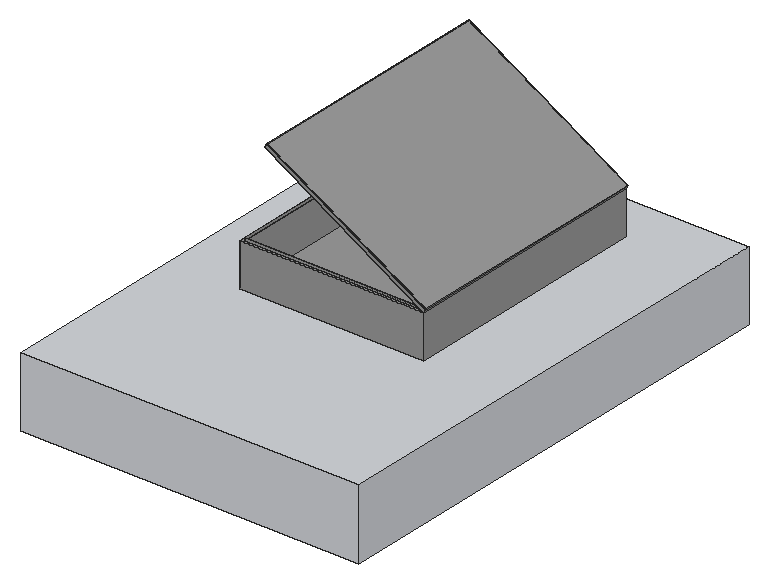
Revit family "Hager-Univers-IP54-D205-H1100-Cl.I-Encl-CH-de", category Equipement électrique, Revit 2020
Family settings
  Hôte = Face
  Configuration du panneau = Deux colonnes, circuits au sein
  Cote de connecteur circulaire = Utiliser le diamètre
  Type d'élément = Tableau de raccordement
  Couper avec des vides une fois chargée = Non
  Partagée = Non
  Point de calcul de pièce = Non
Parameters (values of type "Aufputz IP54 B800 H1100 T205  - FP73TW2")
  Width Control [instance] = if([EF000008 - Breite] > Min Width, [EF000008 - Breite], Min Width)  # 800 mm
  Commentaires du type = [HG000003 - Bereich]  # "Univers"
  Thickness Door [instance] = if([EF009171 - Materialstärke Tür/Deckel] > 3 mm, 3 mm, [EF009171 - Materialstärke Tür/Deckel])  # 1 mm
  Seal Frame Offset [instance] = 17 mm  # constant formula
  Plinth Visibility [instance] = [HG000027 - Sockelhöhe] > 0 mm  # no
  Model = ""
  Min Width [instance] = 100 mm  # constant formula
  Min Height [instance] = 100 mm  # constant formula
  Min Depth [instance] = (2 * [EF009170 - Materialstärke Gehäuse]) + 1 mm  # 3 mm
  Internal Frame Depth [instance] = (Door System Depth * 0.5)  # 9 mm
  Height Control [instance] = if([EF000040 - Höhe] > Min Height, [EF000040 - Höhe], Min Height)  # 1100 mm
  HG000027 - Sockelhöhe = 0 mm
  HG000026 - Stehend auf dem Boden = no
  HG000024 - Höhe des unteren Teils = 800 mm
  HG000023 - Gehäuse mit doppeltem Querschnitt = no
  HG000016 - 3D-Türsichtbarkeit [instance] = yes
  HG000015 - Sichtbarkeit der Türöffnung [instance] = no
  HG000014 - Tür rechts [instance] = yes
  HG000013 - Tür links [instance] = not([HG000014 - Tür rechts])  # no
  HG000012 - Türschwenkwinkel [instance] = 30.00°
  HG000010 - Asymmetrische Türen = no
  HG000009 - Doppelflügeligen Tür = no
  HG000006 - Unterputz = no
  HG000004 - Herstellerreferenz = "FP73TW2"
  HG000003 - Bereich = "Univers"
  HG000002 - Mit tür = yes
  Frame Offset Bottom [instance] = 10 mm  # constant formula
  Frame Offset [instance] = 15 mm  # constant formula
  EF015940 - Deckel mit Überdruckentlastung = no
  EF011959 - Schutzart (NEMA) = ""
  EF009554 - Anzahl der Öffnungen für Flanschplatten = 6
  Fabricant = "Hager"  # constant formula
  EF009212 - Ausführung Deckel = "EV000116 - geschlossen"
  EF009171 - Materialstärke Tür/Deckel = 1 mm
  EF009170 - Materialstärke Gehäuse = 1 mm
  EF008873 - Nennstrom (In) = 250 A
  EF007800 - Geeignet für Blitzschutz = no
  EF006306 - Mit Schloss = no
  EF006244 - Transparenter Deckel/Tür = no
  EF005474 - Schutzart (IP) = "EV006419 - IP54"
  EF004464 - Art der Tür = "EV002646 - Einzel"
  EF004427 - Anzahl der Module = 252
  EF004293 - Schlagfestigkeit = "EV006815 - IK09"
  EF003532 - Geeignet für Außengebrauch = no
  EF002950 - Breite in Teilungseinheiten = 36
  EF001613 - Funktionserhalt = "EV000494 - ohne"
  EF001596 - Werkstoff des Gehäuses = "EV000179 - Stahl"
  EF001131 - Innentiefe = 130 mm
  EF001088 - Anbaumöglichkeit = yes
  EF000437 - Anzahl der Leitungseinführungen = 6
  EF000339 - Art der Abdeckung = "EV001012 - Deckel"
  EF000266 - Anzahl der Reihen = 7
  EF000218 - Einbautiefe = 205 mm
  EF000118 - Mit Montageplatte = no
  EF000116 - RAL-Nummer = "9010"
  EF000049 - Tiefe = 205 mm
  EF000040 - Höhe = 1100 mm
  EF000008 - Breite = 800 mm
  EF000007 - Farbe = "EV000202 - weiß"
  EF000003 - Montageart = "EV000384 - Aufputz"
  Door System Leaf Tolerance [instance] = 1.5 mm  # constant formula
  Door System Depth [instance] = 18 mm  # constant formula
  Door Height [instance] = Height Control - [HG000027 - Sockelhöhe]  # 1100 mm
  Depth Control [instance] = if([EF000049 - Tiefe] > Min Depth, [EF000049 - Tiefe], Min Depth)  # 205 mm
  Default Elevation = 0 mm
  Connector Offset [instance] = Height Control / 2  # 550 mm
  Bottom Top Plate Trim [instance] = 1.5 mm  # constant formula
  Plinth height Ctrl [instance] = if([HG000027 - Sockelhöhe] > 0 mm, [HG000027 - Sockelhöhe], 12 mm)  # 12 mm
Types (4, lengths in mm): name | Width Control | HG000004 - Herstellerreferenz | EF009554 - Anzahl der Öffnungen für Flanschplatten | EF004464 - Art der Tür | EF004427 - Anzahl der Module | EF002950 - Breite in Teilungseinheiten | EF000437 - Anzahl der Leitungseinführungen | EF000008 - Breite
  Aufputz IP54 B1050 H1100 T205  - FP74TW2 | 1050 | "FP74TW2" | 8 | "EV003602 - Doppel" | 336 | 48 | 8 | 1050
  Aufputz IP54 B1300 H1100 T205  - FP75TW2 | 1300 | "FP75TW2" | 10 | "EV003602 - Doppel" | 420 | 60 | 10 | 1300
  Aufputz IP54 B550 H1100 T205  - FP72TW2 | 550 | "FP72TW2" | 4 | "EV002646 - Einzel" | 168 | 24 | 4 | 550
  Aufputz IP54 B800 H1100 T205  - FP73TW2 | 800 | "FP73TW2" | 6 | "EV002646 - Einzel" | 252 | 36 | 6 | 800
Reference planes
  plane 1 "Center (Front/Back)": y = 0
  plane 2: z = 0
  plane 3 "Center (Left/Right)": x = 0
  plane 4: z = 205
  plane 5: y = 1
  plane 6: y = 550
  plane 7: y = 0
  plane 8: y = 1100
  plane 9: z = 0
  plane 10: x = -385
  plane 11: x = 385
  plane 12: x = 384
  plane 13: x = -384
  plane 14: y = 1099
  plane 15: x = -383
  plane 16: x = -400
  plane 17: x = 383
  plane 18: x = 400
  plane 19: x = 399
  plane 20: x = -399
  plane 21: y = 11
  plane 22: y = 1100
  plane 23: y = 1084
  plane 24: z = 187
  plane 25: z = 1
  plane 26: z = 186
  plane 27: z = 204
Forms (mm)
  Extrusion 1, solid
    sketch origin (0, 0, 0) x (1, 0, 0) y (0, 1, 0)
      loop
        line (-702.964, 1305) -> (-702.964, -811.445) -> (766.763, -811.445) -> (766.763, 1305) -> (-702.964, 1305)
    from 0 to -304.8
  Extrusion 2, solid, material "Hager_Steel_RAL7035_Light_Grey", visible <- "Plinth Visibility", detail levels medium+fine
    sketch origin (0, 0, 0) x (1, 0, 0) y (0, 1, 0)
      loop
        line (-400, 0) -> (400, 0) -> (400, 12) -> (-400, 12) -> (-400, 0)
    from 0 to 187
  Extrusion 3, solid, material "Hager_Steel_RAL7035_Light_Grey", detail levels medium+fine
    sketch origin (0, 0, 0) x (1, 0, 0) y (0, 1, 0)
      loop
        line (-400, 0) -> (400, 0) -> (400, 1100) -> (-400, 1100) -> (-400, 0)
    from 0 to 187
  Extrusion 4, void
    sketch origin (0, 0, 0) x (1, 0, 0) y (0, 1, 0)
      loop
        line (-399, 1) -> (399, 1) -> (399, 1099) -> (-399, 1099) -> (-399, 1)
    from 1 to 186
  Extrusion 5, void
    sketch origin (-381.607, -4572, 187) x (0, -1, 0) y (-1, 0, 0)
      loop
        line (-4583, 2.393) -> (-5656, 2.393) -> (-5656, -765.607) -> (-4583, -765.607) -> (-4583, 2.393)
    from 0 to 1 <- "EF009170 - Materialstärke Gehäuse"
  Extrusion 6, solid, material "Hager_Steel_RAL7035_Light_Grey", detail levels fine
    sketch origin (0, 0, 187) x (1, 0, 0) y (0, 1, 0)
      loop
        line (-384, 1084) -> (-384, 11) -> (384, 11) -> (384, 1084) -> (-384, 1084)
      loop
        line (-385, 10) -> (385, 10) -> (385, 1085) -> (-385, 1085) -> (-385, 10)
    from 0 to 9 <- "Internal Frame Depth"
  Extrusion 7, solid, material "Hager_Steel_RAL7035_Light_Grey", detail levels coarse
    sketch origin (0, 0, 0) x (1, 0, 0) y (0, 1, 0)
      loop
        line (-400, 0) -> (400, 0) -> (400, 1100) -> (-400, 1100) -> (-400, 0)
    from 0 to 205
  Sweep 8, void
    path in 3D
      loop
        line (-400, 12, 0) -> (400, 12, 0) -> (400, 12, 187) -> (-400, 12, 187) -> (-400, 12, 0)
    profile origin (-400, 12, 93.5) x (-1, 0, 0) y (0, -1, 0)
      loop
        line (0, 0) -> (0, 1.5) -> (-1.5, 1.5)
        arc (-1.5, 1.5) -> (-1.061, 0.439) -> (0, 0) r 1.5
Cuts and joins
  Extrusion 4, Extrusion 5 cuts Extrusion 3
  Sweep 8 cuts Extrusion 2
Lines and regions (mm)
  Masking region 1
    outline origin (0, 0, 0) x (1, 0, 0) y (0, 0, 1)
      loop
        line (-400, 205) -> (-400, 0) -> (400, 0) -> (400, 205) -> (-400, 205)
  Masking region 2, detail levels medium+fine
    outline origin (0, 140, 0) x (0, 1, 0) y (0, 0, 1)
      loop
        line (-140, 0) -> (960, 0) -> (960, 187) -> (-140, 187) -> (-140, 0)
  Masking region 3, not visible, detail levels medium+fine
    outline origin (0, 297.922, 0) x (0, 1, 0) y (0, 0, 1)
      loop
        line (263.578, 0) -> (303.578, 0) -> (303.578, 194)
        arc (303.578, 194) -> (300.649, 201.071) -> (293.578, 204) r 10
        line (293.578, 204) -> (263.578, 204) -> (263.578, 0)
  Masking region 4, detail levels coarse
    outline origin (0, 0, 180) x (0, 1, 0) y (0, 0, 1)
      loop
        line (0, -180) -> (1100, -180) -> (1100, 25) -> (0, 25) -> (0, -180)
  Masking region 5, visible <- "Plinth Visibility", detail levels medium+fine
    outline origin (0, 52.24, 12.345) x (0, 0, -1) y (0, 1, 0)
      loop
        line (10.845, -40.24) -> (-173.155, -40.24)
        arc (-173.155, -40.24) -> (-173.594, -41.301) -> (-174.655, -41.74) r 1.5
        line (-174.655, -41.74) -> (-174.655, -52.24) -> (12.345, -52.24) -> (12.345, -41.74)
        arc (12.345, -41.74) -> (11.285, -41.301) -> (10.845, -40.24) r 1.5
  Masking region 6, detail levels medium+fine
    outline origin (-381.607, -4572, 187) x (-1, 0, 0) y (0, -1, 0)
      loop
        line (18.393, -5672) -> (18.393, -4572) -> (-781.607, -4572) -> (-781.607, -5672) -> (18.393, -5672)
  Masking region 7, visible <- "Plinth Visibility", detail levels medium+fine
    outline origin (-381.607, -4727, 187) x (-1, 0, 0) y (0, -1, 0)
      loop
        arc (16.893, -4739) -> (17.332, -4737.939) -> (18.393, -4737.5) r 1.5
        line (18.393, -4737.5) -> (18.393, -4727) -> (-781.607, -4727) -> (-781.607, -4737.5)
        arc (-781.607, -4737.5) -> (-780.546, -4737.939) -> (-780.107, -4739) r 1.5
        line (-780.107, -4739) -> (16.893, -4739)
  Masking region 8, detail levels coarse
    outline origin (-442.548, -4669.526, 187) x (-1, 0, 0) y (0, -1, 0)
      loop
        line (-42.548, -5769.526) -> (-42.548, -4669.526) -> (-842.548, -4669.526) -> (-842.548, -5769.526) -> (-42.548, -5769.526)
  sketch lines
    curve 1: line (-400, 12, 187) -> (-400, 12, 0)
    curve 2: line (400, 12, 187) -> (-400, 12, 187)
    curve 3: line (400, 12, 187) -> (400, 12, 0)
    curve 4: line (-400, 12, 0) -> (400, 12, 0)
Dimensions and locks
  "Depth Control": plane 4 to Extrusion 1
  "HG000027 - Sockelhöhe": plane 1 "Center (Front/Back)" to plane 7
  "EF009170 - Materialstärke Gehäuse": plane 5 to plane 7
  locked: connector elem to plane 3 "Center (Left/Right)"
  equal spacing: plane 8, plane 6, plane 7
  locked: connector elem to plane 6
  "EF009170 - Materialstärke Gehäuse": plane 8 to plane 14
  "EF009170 - Materialstärke Gehäuse": plane 10 to plane 13
  "EF009170 - Materialstärke Gehäuse": plane 12 to plane 11
  "Frame Offset": plane 20 to plane 13
  "Frame Offset": plane 12 to plane 19
  "EF009170 - Materialstärke Gehäuse": plane 16 to plane 20
  "EF009170 - Materialstärke Gehäuse": plane 19 to plane 18
  "Seal Frame Offset": plane 16 to plane 15
  "Seal Frame Offset": plane 17 to plane 18
  "Frame Offset Bottom": plane 21 to plane 5
  "Frame Offset": plane 14 to plane 23
  equal spacing: plane 16, plane 3 "Center (Left/Right)", plane 18
  "Width Control": plane 16 to plane 18
  "EF009170 - Materialstärke Gehäuse": plane 4 to plane 27
  "EF009170 - Materialstärke Gehäuse": plane 24 to plane 26
  "EF009170 - Materialstärke Gehäuse": plane 25 to level
  "Door System Depth": plane 4 to plane 24
  "Height Control": plane 1 "Center (Front/Back)" to Extrusion 7 sketch curve
  "Height Control": Masking region 4 sketch curve to plane 1 "Center (Front/Back)"
  "Height Control": plane 1 "Center (Front/Back)" to plane 22
  "Bottom Top Plate Trim": profile plane to Sweep 8 sketch curve
  "Bottom Top Plate Trim": Sweep 8 sketch curve to profile plane
  "Plinth height Ctrl": plane 1 "Center (Front/Back)" to Extrusion 2 sketch curve
  "Plinth height Ctrl": Masking region 5 sketch curve to plane 1 "Center (Front/Back)"
  "Plinth height Ctrl": plane 1 "Center (Front/Back)" to Masking region 7 sketch curve
  "Thickness Door": Extrusion 6 sketch curve to Extrusion 6 sketch curve  (x3)
  "Thickness Door": cut or joined group of Extrusion 3, Extrusion 4, Extrusion 5 to Extrusion 6 sketch curve
  radius of Masking region 3 sketch curve = 10 mm
  "Bottom Top Plate Trim": radius of Masking region 5 sketch curve  (x2)
  "Bottom Top Plate Trim": radius of Sweep 8 sketch curve
  "Bottom Top Plate Trim": radius of Masking region 7 sketch curve  (x2)
  aligned and locked: plane 2 to Extrusion 1
  aligned and locked: level to Extrusion 1
  aligned and locked: level to Masking region 1 sketch curve
  aligned and locked: Masking region 1 sketch curve to plane 18
  aligned and locked: Masking region 1 sketch curve to plane 16
  aligned and locked: plane 7 to Masking region 2 sketch curve
  aligned and locked: level to Masking region 3 sketch curve
  aligned and locked: Masking region 3 sketch curve to plane 27
  aligned and locked: level to Masking region 2 sketch curve
  aligned and locked: plane 1 "Center (Front/Back)" to Extrusion 2 sketch curve
  aligned and locked: Extrusion 3 sketch curve to plane 7
  aligned and locked: plane 16 to Extrusion 3 sketch curve
  aligned and locked: plane 18 to Extrusion 3 sketch curve
  aligned and locked: plane 20 to Extrusion 4 sketch curve
  aligned and locked: plane 19 to Extrusion 4 sketch curve
  aligned and locked: Extrusion 4 sketch curve to plane 5
  aligned and locked: Extrusion 4 to plane 25
  aligned and locked: plane 26 to Extrusion 4
  aligned and locked: plane 24 to Extrusion 3
  aligned and locked: Extrusion 5 sketch curve to plane 21
  aligned and locked: Extrusion 5 sketch curve to plane 13
  aligned and locked: Extrusion 5 sketch curve to plane 12
  aligned and locked: plane 18 to Extrusion 7 sketch curve
  aligned and locked: plane 1 "Center (Front/Back)" to Extrusion 7 sketch curve
  aligned and locked: plane 16 to Extrusion 7 sketch curve
  aligned and locked: plane 4 to Extrusion 7
  aligned and locked: Extrusion 7 to level
  aligned and locked: level to Masking region 4 sketch curve
  aligned and locked: Masking region 4 sketch curve to plane 1 "Center (Front/Back)"
  aligned and locked: Masking region 4 sketch curve to plane 4
  aligned and locked: nested 1 to level
  aligned and locked: nested 1 to plane 16
  aligned and locked: plane 8 to Extrusion 3 sketch curve
  aligned and locked: plane 23 to Extrusion 5 sketch curve
  aligned and locked: plane 14 to Extrusion 4 sketch curve
  aligned and locked: Masking region 2 sketch curve to plane 8
  aligned and locked: level to Masking region 5 sketch curve
  aligned and locked: plane 16 to Extrusion 2 sketch curve
  aligned and locked: plane 18 to Extrusion 2 sketch curve
  aligned and locked: Masking region 5 sketch curve to plane 24
  aligned and locked: Masking region 2 sketch curve to plane 24
  aligned and locked: plane 24 to Extrusion 2
  aligned and locked: profile plane to Sweep 8 sketch curve  (x2)
  aligned and locked: Masking region 6 sketch curve to plane 18
  aligned and locked: Masking region 6 sketch curve to plane 22
  aligned and locked: Masking region 6 sketch curve to plane 16
  aligned and locked: plane 8 to plane 22
  aligned and locked: Masking region 6 sketch curve to plane 7
  aligned and locked: Masking region 7 sketch curve to plane 16
  aligned and locked: Masking region 7 sketch curve to plane 1 "Center (Front/Back)"
  aligned and locked: Masking region 7 sketch curve to plane 18
  aligned and locked: Masking region 8 sketch curve to plane 1 "Center (Front/Back)"
  aligned and locked: Masking region 8 sketch curve to plane 18
  aligned and locked: Masking region 8 sketch curve to plane 22
  aligned and locked: Masking region 8 sketch curve to plane 16
  aligned and locked: nested 2 to plane 7
  aligned and locked: plane 3 "Center (Left/Right)" to nested 2
  aligned and locked: nested 2 to plane 24
  aligned and locked: Extrusion 6 sketch curve to cut or joined group of Extrusion 3, Extrusion 4, Extrusion 5  (x4)
Automatic sketch dimensions
  Extrusion 1 sketch curve to Extrusion 1 sketch curve = 1469.727 mm
  Extrusion 1 sketch curve to Extrusion 1 sketch curve = 2116.445 mm
  Masking region 1 sketch curve to plane 4 = 0 mm
  plane 6 to Masking region 3 sketch curve = 11.5 mm
  Masking region 3 sketch curve to Masking region 3 sketch curve = 30 mm
  Masking region 5 sketch curve to plane 1 "Center (Front/Back)" = 0 mm
Nested families
  nested 1: "Hager_Enclosure_Symbol" at (-400, 0, 0) x (1, 0, 0) z (0, -1, 0), Height <- "Depth Control", Width <- "Width Control", type "Hager_Enclosure_Symbol"
    with Width_Ctrl 800 mm, Width 800 mm, Height_Ctrl 205 mm, Height 205 mm, A_Width_Int 13.453 mm, A_Width 161.438 mm, A_Height_Ctrl 179.375 mm, A_Height 179.375 mm
  nested 2: "EC000058_Univers_Door" at (0, 0, 187) x (1, 0, 0) z (0, 1, 0), Leaf_Tolerance <- "Door System Leaf Tolerance", Angle <- "HG000012 - Türschwenkwinkel", Door_Depth <- "Door System Depth", Door_Left <- "HG000013 - Tür links", Transparent <- "EF006244 - Transparenter Deckel/Tür", Assymetrical <- "HG000010 - Asymmetrische Türen", Width <- "Width Control", Clearance <- "HG000015 - Sichtbarkeit der Türöffnung", Double <- "HG000009 - Doppelflügeligen Tür", 3d_Door <- "HG000016 - 3D-Türsichtbarkeit", Lock_Visibility <- "EF006306 - Mit Schloss", Width_Ctrl <- "Width Control", Door_Right <- "HG000014 - Tür rechts", Door <- "HG000002 - Mit tür", Height <- "Door Height", Thickness <- "Thickness Door", type "EC000058_Univers_Door", detail levels medium+fine
    with min_wh 3 mm, Width_Ctrl 800 mm, Width 800 mm, Transparent no, Thickness 1 mm, Seal_Material Hager_Rubber, Lock_Visibility no, Lock_Material Hager_Plastic_RAL9005_Jet_Black, Leaf_Width 800 mm, Leaf_Tolerance_External_Sides 0 mm, Leaf_Tolerance 1.5 mm, Leaf_Offset 0 mm, Leaf_Height 1097 mm, Leaf_2_Width 800 mm, Leaf_2_Offset 400 mm, Leaf_1_Width 800 mm, Leaf_1_Offset 400 mm, Height_Ctrl 1100 mm, Height 1100 mm, Glass_Material Hager_Glass, Double_Clearance_Ctrl no, Double no, Door_Right_Ctrl yes, Door_Right yes, Door_Material Hager_Steel_RAL7035_Light_Grey, Door_Left_Ctrl no, Door_Left no, Door_Depth 18 mm, Door yes, Clearance_Material Hager_Clearance, Clearance_Depth 800 mm, Clearance_Ctrl no, Clearance no, Assymetrical no, Angle 30.00°, 3d_Door yes
Connectors
  electrical at (0, 550, 0)
    settings: on plane 9, index 1, voltage 0 V, apparent load 0 VA, apparent load phase1 0 VA, apparent load phase2 0 VA, apparent load phase3 0 VA, power factor 1, load classification "Other", number of poles 1, system type 30, power factor state 1, is connector primary yes, connector utility no, sub classification motor no, connector description ""
Definition of nested family "EC000058_Univers_Door"
  Parameters (values of type "EC000058_Univers_Door")
    min_wh [instance] = (2 * Thickness) + 1 mm  # 11 mm
    Width_Ctrl [instance] = 400 mm
    Width [instance] = 500 mm
    Transparent [instance] = yes
    Thickness [instance] = 5 mm
    Seal_Material [instance] = none
    Lock_Visibility [instance] = yes
    Lock_Material [instance] = none
    Leaf_Width [instance] = if((Width_Ctrl - 2 * Leaf_Tolerance_External_Sides) > 0 mm, (Width_Ctrl - 2 * Leaf_Tolerance_External_Sides), min_wh)  # 400 mm
    Leaf_Tolerance_External_Sides [instance] = 0 mm  # constant formula
    Leaf_Tolerance [instance] = 1.5 mm
    Leaf_Offset [instance] = 0 mm  # constant formula
    Leaf_Height [instance] = if((Height_Ctrl - 2 * Leaf_Tolerance) > 0 mm, (Height_Ctrl - 2 * Leaf_Tolerance), min_wh)  # 497 mm
    Leaf_2_Width [instance] = if(and(and(Double, Assymetrical), Door_Left), (Leaf_Width / 3) - (Leaf_Tolerance / 2), if(and(and(Double, Assymetrical), Door_Right), (Leaf_Width / 3) * 2 - (Leaf_Tolerance / 2), if(and(Double, not(Assymetrical)), (Leaf_Width / 2) - Leaf_Tolerance, Leaf_Width)))  # 400 mm
    Leaf_2_Offset [instance] = if(and(Double, Assymetrical), Leaf_2_Width / 2, if(and(Double, not(Assymetrical)), Leaf_Width / 4, Leaf_Width / 2))  # 200 mm
    Leaf_1_Width [instance] = if(and(and(Double, Assymetrical), Door_Right), (Leaf_Width / 3) - (Leaf_Tolerance / 2), if(and(and(Double, Assymetrical), Door_Left), (Width / 3) * 2 - (Leaf_Tolerance / 2), if(and(Double, not(Assymetrical)), (Leaf_Width / 2) - Leaf_Tolerance, Leaf_Width)))  # 400 mm
    Leaf_1_Offset [instance] = if(and(Double, Assymetrical), Leaf_1_Width / 2, if(and(Double, not(Assymetrical)), Leaf_Width / 4, Leaf_Width / 2))  # 200 mm
    Height_Ctrl [instance] = if(Height > min_wh, Height, min_wh)  # 500 mm
    Height [instance] = 500 mm
    Glass_Material [instance] = none
    Double_Clearance_Ctrl [instance] = and(Double, Clearance)  # no
    Double [instance] = no
    Door_Right_Ctrl [instance] = and(or(Door_Right, Double), Door)  # yes
    Door_Right [instance] = yes
    Door_Material [instance] = none
    Door_Left_Ctrl [instance] = and(or(Door_Left, Double), Door)  # no
    Door_Left [instance] = no
    Door_Depth [instance] = 30 mm
    Door [instance] = yes
    Default Elevation = 1219.2 mm
    Clearance_Material [instance] = none
    Clearance_Depth [instance] = if(Leaf_1_Width > Leaf_2_Width, Leaf_1_Width, Leaf_2_Width)  # 400 mm
    Clearance_Ctrl [instance] = and(not(Double), Clearance)  # yes
    Clearance [instance] = yes
    Assymetrical [instance] = yes
    Angle [instance] = 30.00°
    3d_Door [instance] = yes
  Reference planes
    plane 1 "Center (Front/Back)": y = 0
    plane 2 "Bottom": z = 0
    plane 3 "Center (Left/Right)": x = 0
    plane 4: z = 500
    plane 5: x = -200
    plane 6: x = 200
    plane 7: z = 500
    plane 8: x = -200
    plane 9: z = 0
    plane 10: x = 200
    plane 11: y = 0
    plane 12: z = 1.5
    plane 13: x = -600
    plane 14: y = -400
    plane 15: x = 600
    plane 16: x = 0
    plane 17: x = 0
    plane 18: x = -200
    plane 19: x = 200
    plane 20: z = 498.5
  Forms (mm)
    Extrusion 1, solid, material <- "Clearance_Material", visible <- "Double_Clearance_Ctrl"
      sketch origin (1200, 0, 0) x (1, 0, 0) y (0, 0, -1)
        loop
          line (-1800, -498.5) -> (-600, -498.5) -> (-600, 0) -> (-1800, 0) -> (-1800, -498.5)
      from 0 to -400
  Dimensions and locks
    equal spacing: plane 5, plane 3 "Center (Left/Right)", plane 6
    "Width_Ctrl": plane 5 to plane 6
    "Leaf_Offset": plane 5 to plane 8
    "Leaf_Offset": plane 6 to plane 10
    "Leaf_Offset": plane 9 to level
    "Leaf_Offset": plane 4 to plane 7
    "Height_Ctrl": plane 4 to level
    "Leaf_Tolerance": plane 12 to plane 9
    locked: plane 11 to plane 1 "Center (Front/Back)"
    "Leaf_1_Offset": plane 18 to plane 16
    "Leaf_2_Offset": plane 17 to plane 19
    "Leaf_1_Width": plane 13 to plane 8
    "Leaf_2_Width": plane 10 to plane 15
    "Clearance_Depth": plane 14 to plane 1 "Center (Front/Back)"
    "Leaf_Tolerance_External_Sides": plane 8 to plane 18
    "Leaf_Tolerance_External_Sides": plane 19 to plane 10
    "Leaf_Tolerance": plane 7 to plane 20
    aligned and locked: level to plane 2 "Bottom"
    aligned and locked: nested 1 to plane 16
    aligned and locked: nested 2 to plane 17
    aligned and locked: Extrusion 1 to plane 13
    aligned and locked: plane 15 to Extrusion 1
    aligned and locked: Extrusion 1 to plane 14
    aligned and locked: plane 12 to nested 1
    aligned and locked: nested 2 to plane 12
    aligned and locked: Extrusion 1 to plane 11
    aligned and locked: plane 20 to Extrusion 1
    aligned and locked: nested 2 to plane 11
    aligned and locked: nested 1 to plane 11
  Automatic sketch dimensions
    Extrusion 1 sketch curve to level = 0 mm
    plane 5 to Extrusion 1 sketch curve = 400 mm
    plane 6 to Extrusion 1 sketch curve = 400 mm
    Extrusion 1 sketch curve to plane 4 = 1.5 mm
  Nested families
    nested 1: "EC000058_Univers_Door_Leaf" at (0, 0, 1.5), Width <- "Leaf_1_Width", visible <- "Door_Left_Ctrl", Leaf_Height <- "Leaf_Height", Angle <- "Angle", 3d_Door <- "3d_Door", Transparent <- "Transparent", Clearance Material <- "Clearance_Material", Clearance <- "Clearance_Ctrl", Door_Material <- "Door_Material", Glass_Material <- "Glass_Material", Door_Depth <- "Door_Depth", Lock_Material <- "Lock_Material", Seal_Material <- "Seal_Material", Lock_Visibility <- "Lock_Visibility", Thickness <- "Thickness", type "EC000058_Univers_Door_Leaf"
      with Width 400 mm, Transparent_Glass_Offset 30 mm, Transparent_Ctrl yes, Transparent yes, Thickness 5 mm, Standard no, Seal_Material none, Seal_D2 8 mm, Seal_D1 1 mm, Offset_Internal_Frame 10 mm, Lock_Width 20 mm, Lock_Visibility_3d yes, Lock_Visibility yes, Lock_Thickness_3 3 mm, Lock_Thickness_2 1 mm, Lock_Thickness_1 3 mm, Lock_Radius_Offset_2 16 mm, Lock_Radius_Offset_1 15 mm, Lock_Radius_2 5 mm, Lock_Radius 6 mm, Lock_Offset 5 mm, Lock_Material none, Lock_Height 80 mm, Lock_Cover_Top_Offset_2d 17 mm, Lock_Cover_Height -65 mm, Leaf_Height 497 mm, Internal_Seal_Thickness 8 mm, Internal_Seal_Depth_2 4.5 mm, Internal_Frame_Depth 25 mm, Glass_Thickness -1 mm, Glass_Offset -2 mm, Glass_Material none, Door_Material none, Door_Depth 30 mm, Clearance Material none, Clearance yes, Angle_Ctrl 30.00°, Angle 30.00°, 3d_Door yes
    nested 2: "EC000058_Univers_Door_Leaf" at (0, 0, 1.5) x (-1, 0, 0) z (0, 0, 1), Width <- "Leaf_2_Width", visible <- "Door_Right_Ctrl", Leaf_Height <- "Leaf_Height", Angle <- "Angle", 3d_Door <- "3d_Door", Transparent <- "Transparent", Clearance Material <- "Clearance_Material", Clearance <- "Clearance_Ctrl", Door_Material <- "Door_Material", Glass_Material <- "Glass_Material", Door_Depth <- "Door_Depth", Lock_Material <- "Lock_Material", Seal_Material <- "Seal_Material", Lock_Visibility <- "Lock_Visibility", Thickness <- "Thickness", type "EC000058_Univers_Door_Leaf"
      with Width 400 mm, Transparent_Glass_Offset 30 mm, Transparent_Ctrl yes, Transparent yes, Thickness 5 mm, Standard no, Seal_Material none, Seal_D2 8 mm, Seal_D1 1 mm, Offset_Internal_Frame 10 mm, Lock_Width 20 mm, Lock_Visibility_3d yes, Lock_Visibility yes, Lock_Thickness_3 3 mm, Lock_Thickness_2 1 mm, Lock_Thickness_1 3 mm, Lock_Radius_Offset_2 16 mm, Lock_Radius_Offset_1 15 mm, Lock_Radius_2 5 mm, Lock_Radius 6 mm, Lock_Offset 5 mm, Lock_Material none, Lock_Height 80 mm, Lock_Cover_Top_Offset_2d 17 mm, Lock_Cover_Height -65 mm, Leaf_Height 497 mm, Internal_Seal_Thickness 8 mm, Internal_Seal_Depth_2 4.5 mm, Internal_Frame_Depth 25 mm, Glass_Thickness -1 mm, Glass_Offset -2 mm, Glass_Material none, Door_Material none, Door_Depth 30 mm, Clearance Material none, Clearance yes, Angle_Ctrl 30.00°, Angle 30.00°, 3d_Door yes
  Definition of nested family "EC000058_Univers_Door_Leaf"
    Parameters (values of type "EC000058_Univers_Door_Leaf")
      Width [instance] = 2000 mm
      Transparent_Glass_Offset [instance] = 30 mm
      Transparent_Ctrl [instance] = and(Transparent, [3d_Door])  # yes
      Transparent [instance] = yes
      Thickness [instance] = 5 mm
      Standard [instance] = and(not(Transparent), [3d_Door])  # no
      Seal_Material [instance] = none
      Seal_D2 [instance] = 8 mm  # constant formula
      Seal_D1 [instance] = 1 mm  # constant formula
      Offset_Internal_Frame [instance] = 10 mm  # constant formula
      Lock_Width [instance] = 20 mm  # constant formula
      Lock_Visibility_3d [instance] = and(Lock_Visibility, [3d_Door])  # yes
      Lock_Visibility [instance] = yes
      Lock_Thickness_3 [instance] = 3 mm  # constant formula
      Lock_Thickness_2 [instance] = 1 mm  # constant formula
      Lock_Thickness_1 [instance] = 3 mm  # constant formula
      Lock_Radius_Offset_2 [instance] = Lock_Radius_Offset_1 + 1 mm  # 16 mm
      Lock_Radius_Offset_1 [instance] = 15 mm  # constant formula
      Lock_Radius_2 [instance] = Lock_Radius - 1 mm  # 5 mm
      Lock_Radius [instance] = 6 mm  # constant formula
      Lock_Offset [instance] = 5 mm  # constant formula
      Lock_Material [instance] = none
      Lock_Height [instance] = 80 mm  # constant formula
      Lock_Cover_Top_Offset_2d [instance] = Lock_Radius_Offset_2 + 1 mm  # 17 mm
      Lock_Cover_Height [instance] = -(Lock_Height - Lock_Radius_Offset_1)  # -65 mm
      Leaf_Height [instance] = 2720.336 mm
      Internal_Seal_Thickness [instance] = 8 mm  # constant formula
      Internal_Seal_Depth_2 [instance] = 4.5 mm  # constant formula
      Internal_Frame_Depth [instance] = if(Door_Depth - Thickness > 5 mm, Door_Depth - Thickness, 5 mm)  # 25 mm
      Glass_Thickness [instance] = if(Thickness > 15 mm, Glass_Offset + 10 mm, -1 mm)  # -1 mm
      Glass_Offset [instance] = if(Thickness > 15 mm, -(Thickness + 10 mm) / 2, -2 mm)  # -2 mm
      Glass_Material [instance] = none
      Door_Material [instance] = none
      Door_Depth [instance] = 30 mm
      Default Elevation = 0 mm
      Clearance Material [instance] = none
      Clearance [instance] = yes
      Angle_Ctrl [instance] = if(Angle > 180.00°, 180.00°, Angle)  # 90.00°
      Angle [instance] = 90.00°
      3d_Door [instance] = yes
    Reference planes
      plane 1 "Center (Front/Back)": y = 0
      plane 2: z = 0
      plane 3 "Center (Left/Right)": x = 0
      plane 4: y = 2000
      plane 5: x = -1000
      plane 6: x = 1000
      plane 7: x = -3000
      plane 8: z = 2720.336
      plane 9: z = 30
      plane 10: z = 2690.336
      plane 11: x = 970
      plane 12: x = -970
      plane 13: y = -3
      plane 14: z = 107.833
      plane 15: y = -5
      plane 16: y = -223.314
      plane 17: x = -1000
      plane 18: z = 1360.168
      plane 19: y = 30
    Forms (mm)
      Extrusion 1, solid, material <- "Clearance Material", visible <- "Clearance"
        sketch origin (0, 0, 0) x (1, 0, 0) y (0, 0, 1)
          loop
            line (-3000, 2720.336) -> (-3000, 0) -> (1000, 0) -> (1000, 2720.336) -> (-3000, 2720.336)
        from 0 to -2000
      Extrusion 2, solid, material <- "Door_Material", visible <- "Standard", detail levels medium+fine
        sketch origin (-1000, 0, 0) x (0, 1, 0) y (-1, 0, 0)
          loop
            line (0, 30) -> (0, 25) -> (2000, 25) -> (2000, 30) -> (0, 30)
        from 0 to 2720.336 <- "Leaf_Height"
      Extrusion 3, solid, material <- "Door_Material", visible <- "Transparent_Ctrl", detail levels medium+fine
        sketch origin (-1000, 0, 0) x (0, 1, 0) y (-1, 0, 0)
          loop
            line (0, 25) -> (2000, 25) -> (2000, 30) -> (0, 30) -> (0, 25)
        from 0 to 2720.336 <- "Leaf_Height"
      Extrusion 4, void
        sketch origin (-1025, 2000, 0) x (0, 1, 0) y (0, 0, -1)
          loop
            line (-30, -2690.336) -> (-30, -30) -> (-1970, -30) -> (-1970, -2690.336) -> (-30, -2690.336)
        from 0 to 5 <- "Thickness"
      Sweep 5, solid, material <- "Seal_Material", visible <- "Transparent_Ctrl", detail levels fine
        path in 3D
          loop
            line (-1025, 30, 30) -> (-1025, 30, 2690.336) -> (-1025, 1970, 2690.336) -> (-1025, 1970, 30) -> (-1025, 30, 30)
        profile origin (-1025, 1000, 30) x (1, 0, 0) y (0, 0, 1)
          loop
            line (0, 0) -> (0, -8) -> (1, -8) -> (1, 0) -> (0, 0)
      Extrusion 6, solid, material <- "Glass_Material", visible <- "Transparent_Ctrl", detail levels medium+fine
        sketch origin (-1030, 0, 0) x (0, 1, 0) y (0, 0, -1)
          loop
            line (1970, -2690.336) -> (1970, -30) -> (30, -30) -> (30, -2690.336) -> (1970, -2690.336)
        from -2 <- "Glass_Offset" to -1 <- "Glass_Thickness"
      Extrusion 7, solid, material <- "Door_Material", visible <- "3d_Door", detail levels medium+fine
        sketch origin (-1025, 2000, 0) x (0, -1, 0) y (0, 0, -1)
          loop
            line (0, -2720.336) -> (2000, -2720.336) -> (2000, 0) -> (0, 0) -> (0, -2720.336)
          loop
            line (1995, -5) -> (5, -5) -> (5, -2715.336) -> (1995, -2715.336) -> (1995, -5)
        from 0 to 25 <- "Internal_Frame_Depth"
      Sweep 8, solid, material <- "Seal_Material", visible <- "Transparent_Ctrl", detail levels fine
        path in 3D
          loop
            line (-1025, 0, 0) -> (-1025, 2000, 0) -> (-1025, 2000, 2720.336) -> (-1025, 0, 2720.336) -> (-1025, 0, 0)
        profile origin (-1025, 0, 1360.168) x (1, 0, 0) y (0, 1, 0)
          loop
            line (0, 10) -> (2.975, 10)
            arc (2.975, 10) -> (4.053, 10.447) -> (4.5, 11.525) r 1.525
            line (4.5, 11.525) -> (4.5, 16.527)
            arc (4.5, 16.527) -> (4.069, 17.569) -> (3.027, 18) r 1.473
            line (3.027, 18) -> (0, 18) -> (0, 10)
      Extrusion 9, solid, material <- "Lock_Material", visible <- "Lock_Visibility_3d", detail levels fine
        sketch origin (-1030, 0, 0) x (0, 1, 0) y (0, 0, -1)
          loop
            arc (1993.5, -1400.168) -> (1994.561, -1399.729) -> (1995, -1398.668) r 1.5
            line (1995, -1398.668) -> (1995, -1320.168) -> (1975, -1320.168) -> (1975, -1398.668)
            arc (1975, -1398.668) -> (1975.439, -1399.729) -> (1976.5, -1400.168) r 1.5
            line (1976.5, -1400.168) -> (1993.5, -1400.168)
        from 3 <- "Lock_Thickness_1" to 0
      Blend 10, solid, material <- "Lock_Material", visible <- "Lock_Visibility_3d", detail levels fine
        base sketch origin (-1033, 0, 0) x (0, 1, 0) y (0, 0, -1)
          loop
            line (1975, -1320.168) -> (1975, -1398.668)
            arc (1975, -1398.668) -> (1975.439, -1399.729) -> (1976.5, -1400.168) r 1.5
            line (1976.5, -1400.168) -> (1993.5, -1400.168)
            arc (1993.5, -1400.168) -> (1994.561, -1399.729) -> (1995, -1398.668) r 1.5
            line (1995, -1398.668) -> (1995, -1320.168) -> (1975, -1320.168)
        top sketch origin (-1033, 0, 0) x (0, 1, 0) y (0, 0, -1)
          loop
            line (1976, -1320.168) -> (1976, -1398.668)
            arc (1976, -1398.668) -> (1976.146, -1399.022) -> (1976.5, -1399.168) r 0.5
            line (1976.5, -1399.168) -> (1993.5, -1399.168)
            arc (1993.5, -1399.168) -> (1993.854, -1399.022) -> (1994, -1398.668) r 0.5
            line (1994, -1398.668) -> (1994, -1320.168) -> (1976, -1320.168)
        from 0 to 1 <- "Lock_Thickness_2"
      Blend 11, solid, material <- "Lock_Material", visible <- "Lock_Visibility_3d", detail levels fine
        base sketch origin (-1034, 0, 0) x (0, 1, 0) y (0, 0, -1)
          loop
            line (1978, -1320.168) -> (1978, -1384.168)
            arc (1978, -1384.168) -> (1985, -1391.168) -> (1992, -1384.168) r 7
            line (1992, -1384.168) -> (1992, -1320.168) -> (1978, -1320.168)
        top sketch origin (-1034, 0, 0) x (0, 1, 0) y (0, 0, -1)
          loop
            line (1991, -1320.168) -> (1979, -1320.168) -> (1979, -1383.168)
            arc (1979, -1383.168) -> (1985, -1389.168) -> (1991, -1383.168) r 6
            line (1991, -1383.168) -> (1991, -1320.168)
        from 0 to 3 <- "Lock_Thickness_3"
      Extrusion 12, solid, material <- "Lock_Material", visible <- "Lock_Visibility_3d", detail levels fine
        sketch origin (-1030, 1975, 1320.168) x (1, 0, 0) y (0, -1, 0)
          loop
            line (-7, -19) -> (-7, -1) -> (0, -1) -> (0, 0) -> (-8, 0) -> (-8, -20) -> (0, -20) -> (0, -19) -> (-7, -19)
        from 0 to -65 <- "Lock_Cover_Height"
      Extrusion 13, void
        sketch origin (-1038, 1995, 1320.168) x (-1, 0, 0) y (0, 0, -1)
          loop
            line (-5, -65) -> (0, -65) -> (-5, -60) -> (-5, -65)
        from 0 to 20 <- "Lock_Width"
      Extrusion 14, void
        sketch origin (-1038, 1975, 1320.168) x (0, -1, 0) y (0, 0, -1)
          loop
            circle (-10, -15.995) r 6
          loop
            circle (-10, -15.995) r 5
        from 0 to 2
      Extrusion 15, solid, material <- "Lock_Material", visible <- "Lock_Visibility_3d", detail levels medium
        sketch origin (-1030, 0, 0) x (0, 1, 0) y (0, 0, -1)
          loop
            arc (1993.5, -1400.168) -> (1994.561, -1399.729) -> (1995, -1398.668) r 1.5
            line (1995, -1398.668) -> (1995, -1320.168) -> (1975, -1320.168) -> (1975, -1398.668)
            arc (1975, -1398.668) -> (1975.439, -1399.729) -> (1976.5, -1400.168) r 1.5
            line (1976.5, -1400.168) -> (1993.5, -1400.168)
        from 8 to 0
    Cuts and joins
      Extrusion 4 cuts Extrusion 3
      Extrusion 13, Extrusion 14 cuts Extrusion 9
      Extrusion 14 cuts Blend 11
      Extrusion 13, Extrusion 14 cuts Extrusion 12
      joined: Extrusion 9, Blend 10, Blend 11, Extrusion 12
      Extrusion 14 cuts Extrusion 15
    Lines and regions (mm)
      Masking region 1, visible <- "Lock_Visibility", detail levels fine
        outline origin (0, 0, 0) x (0, 1, 0) y (0, 0, 1)
          loop
            line (30, 1320.168) -> (33, 1320.168) -> (33, 1400.168) -> (30, 1400.168) -> (30, 1320.168)
      Masking region 2, visible <- "Lock_Visibility", detail levels fine
        outline origin (0, 3.143, 0) x (0, 1, 0) y (0, 0, 1)
          loop
            line (29.857, 1354.168) -> (30.857, 1354.168) -> (30.857, 1366.168) -> (29.857, 1366.168) -> (29.857, 1354.168)
      Masking region 3, detail levels medium+fine
        outline origin (0, 0, 0) x (0, 1, 0) y (0, 0, 1)
          loop
            line (0, 0) -> (30, 0) -> (30, 2720.336) -> (0, 2720.336) -> (0, 0)
      Masking region 4, detail levels medium+fine
        outline origin (0, 0, 0) x (1, 0, 0) y (0, 0, 1)
          loop
            line (-1000, 2720.336) -> (-1000, 0) -> (1000, 0) -> (1000, 2720.336) -> (-1000, 2720.336)
      Masking region 5, visible <- "Lock_Visibility", detail levels fine
        outline origin (-47.116, 0, 0) x (1, 0, 0) y (0, 0, 1)
          loop
            arc (1024.616, 1399.168) -> (1023.556, 1398.729) -> (1023.116, 1397.668) r 1.5
            line (1023.116, 1397.668) -> (1023.116, 1320.168) -> (1041.116, 1320.168) -> (1041.116, 1397.668)
            arc (1041.116, 1397.668) -> (1040.677, 1398.729) -> (1039.616, 1399.168) r 1.5
            line (1039.616, 1399.168) -> (1024.616, 1399.168)
      Masking region 6, visible <- "Lock_Visibility", detail levels medium+fine
        outline origin (-25, 0, 0) x (1, 0, 0) y (0, 0, 1)
          loop
            arc (1001.5, 1400.168) -> (1000.439, 1399.729) -> (1000, 1398.668) r 1.5
            line (1000, 1398.668) -> (1000, 1320.168) -> (1020, 1320.168) -> (1020, 1398.668)
            arc (1020, 1398.668) -> (1019.561, 1399.729) -> (1018.5, 1400.168) r 1.5
            line (1018.5, 1400.168) -> (1001.5, 1400.168)
      Masking region 7, visible <- "Lock_Visibility", detail levels fine
        outline origin (-73.735, 0, 0) x (1, 0, 0) y (0, 0, 1)
          loop
            line (1051.735, 1382.168) -> (1065.735, 1382.168) -> (1065.735, 1384.168)
            arc (1065.735, 1384.168) -> (1058.735, 1391.168) -> (1051.735, 1384.168) r 7
            line (1051.735, 1384.168) -> (1051.735, 1382.168)
      Masking region 8, visible <- "Lock_Visibility", detail levels fine
        outline origin (-73.735, 0, 0) x (1, 0, 0) y (0, 0, 1)
          loop
            line (1052.735, 1382.168) -> (1064.735, 1382.168) -> (1064.735, 1383.168)
            arc (1064.735, 1383.168) -> (1058.735, 1389.168) -> (1052.735, 1383.168) r 6
            line (1052.735, 1383.168) -> (1052.735, 1382.168)
      Masking region 9, visible <- "Lock_Visibility", detail levels fine
        outline origin (-25, 0, 0) x (1, 0, 0) y (0, 0, 1)
          loop
            line (1020, 1320.168) -> (1020, 1382.168) -> (1000, 1382.168) -> (1000, 1320.168) -> (1020, 1320.168)
      Masking region 10, detail levels medium+fine
        outline origin (0, 0, 0) x (1, 0, 0) y (0, 0, 1)
          loop
            circle (985, 1335.144) r 6
      Masking region 11, detail levels fine
        outline origin (0, 0, 0) x (1, 0, 0) y (0, 0, 1)
          loop
            circle (985, 1335.144) r 5
      Masking region 12, visible <- "Lock_Visibility", detail levels fine
        outline origin (0, 12.767, 0) x (0, 1, 0) y (0, 0, 1)
          loop
            line (20.233, 1320.168) -> (21.233, 1320.168) -> (21.233, 1399.168) -> (20.233, 1400.168) -> (20.233, 1320.168)
      Masking region 13, visible <- "Lock_Visibility", detail levels fine
        outline origin (0, 13.767, -10) x (0, 1, 0) y (0, 0, 1)
          loop
            line (20.233, 1330.168) -> (23.233, 1330.168) -> (23.233, 1399.168) -> (20.233, 1402.168) -> (20.233, 1330.168)
      Masking region 14, visible <- "Lock_Visibility", detail levels fine
        outline origin (0, 12.767, -10) x (0, 1, 0) y (0, 0, 1)
          loop
            line (20.233, 1330.168) -> (25.233, 1330.168) -> (25.233, 1399.305) -> (20.233, 1394.305) -> (20.233, 1330.168)
      Masking region 15, visible <- "Lock_Visibility", detail levels medium
        outline origin (0, 0, 0) x (0, 1, 0) y (0, 0, 1)
          loop
            line (30, 1320.168) -> (38, 1320.168) -> (38, 1400.168) -> (30, 1400.168) -> (30, 1320.168)
      Masking region 16, visible <- "Lock_Visibility", detail levels fine
        outline origin (-1000, 0, 0) x (0, 1, 0) y (-1, 0, 0)
          loop
            line (1975, 30) -> (1995, 30) -> (1995, 38) -> (1975, 38) -> (1975, 30)
          loop
            line (1979, 37) -> (1976, 37) -> (1976, 34) -> (1978, 34) -> (1979, 37)
          loop
            line (1994, 37) -> (1991, 37) -> (1992, 34) -> (1994, 34) -> (1994, 37)
      Masking region 17, visible <- "Lock_Visibility", detail levels medium
        outline origin (-1000, 0, 0) x (0, 1, 0) y (-1, 0, 0)
          loop
            line (1975, 30) -> (1995, 30) -> (1995, 38) -> (1975, 38) -> (1975, 30)
      symbolic lines
        curve 1: line (1000, 0, 0) -> (-3000, 0, 0)
        curve 2: arc (1000, 0, 0) -> (-1000, 2000, 0) -> (-3000, 0, 0) r 2000
        curve 4: line (-1030, 0, 0) -> (-1030, 2000, 0)
      reference lines
        curve 3: line (-1000, 0, 0) -> (-1000, 2000, 0)
      symbolic lines, detail levels medium+fine
        curve 5: line (-1030, 2000, 0) -> (-1025, 2000, 0)
        curve 7: line (-1025, 0, 0) -> (-1030, 0, 0)
        curve 8: line (-1025, 0, 0) -> (-1000, 0, 0)
        curve 9: line (-1000, 0, 0) -> (-1000, 2000, 0)
        curve 10: line (-1000, 2000, 0) -> (-1025, 2000, 0)
      symbolic lines, detail levels fine
        curve 6: line (-1025, 2000, 0) -> (-1025, 0, 0)
      sketch lines
        curve 11: line (-1025, 0, 2720.336) -> (-1025, 0, 0)
        curve 12: line (-1025, 2000, 0) -> (-1025, 0, 0)
        curve 13: line (-1025, 2000, 2720.336) -> (-1025, 2000, 0)
        curve 14: line (-1025, 0, 2720.336) -> (-1025, 2000, 2720.336)
        curve 15: line (-1025, 1970, 30) -> (-1025, 30, 30)
        curve 16: line (-1025, 30, 30) -> (-1025, 30, 2690.336)
        curve 17: line (-1025, 1970, 2690.336) -> (-1025, 1970, 30)
        curve 18: line (-1025, 30, 2690.336) -> (-1025, 1970, 2690.336)
      symbolic lines, visible <- "Transparent", detail levels medium+fine
        curve 19: line (-970, 0, 2690.336) -> (970, 0, 2690.336)
        curve 20: line (-970, 0, 30) -> (-970, 0, 2690.336)
        curve 21: line (970, 0, 30) -> (-970, 0, 30)
        curve 22: line (970, 0, 2690.336) -> (970, 0, 30)
    Dimensions and locks
      "Width": plane 1 "Center (Front/Back)" to plane 4
      equal spacing: plane 5, plane 3 "Center (Left/Right)", plane 6
      "Width": plane 5 to plane 6
      "Width": plane 7 to plane 5
      "Leaf_Height": plane 8 to level
      "Width": curve 5 to curve 3
      "Width": curve 3 to curve 3
      plane 8 to plane 10 = 30 mm
      plane 9 to level = 30 mm
      plane 12 to plane 5 = 30 mm
      plane 6 to plane 11 = 30 mm
      Extrusion 1 to Extrusion 4 sketch curve = 30 mm
      "Transparent_Glass_Offset": curve 3 to Extrusion 4 sketch curve
      "Transparent_Glass_Offset": Extrusion 4 sketch curve to cut or joined group of Extrusion 3, Extrusion 4  (x2)
      cut or joined group of Extrusion 3, Extrusion 4 to Extrusion 6 sketch curve = 30 mm
      "Transparent_Glass_Offset": cut or joined group of Extrusion 3, Extrusion 4 to Extrusion 4 sketch curve
      "Thickness": curve 6 to curve 4
      "Thickness": Extrusion 7 sketch curve to Extrusion 7 sketch curve  (x4)
      "Door_Depth": curve 4 to curve 3
      "Offset_Internal_Frame": profile plane to Sweep 8 sketch curve
      "Internal_Seal_Thickness": Sweep 8 sketch curve to Sweep 8 sketch curve
      "Internal_Seal_Depth_2": profile plane to Sweep 8 sketch curve
      "Seal_D1": profile plane to Sweep 5 sketch curve
      "Seal_D2": profile plane to Sweep 5 sketch curve
      "Thickness": Extrusion 2 sketch curve to Extrusion 2 sketch curve
      equal spacing: Extrusion 9 sketch curve, plane 18, Extrusion 9 sketch curve  (x2)
      equal spacing: Masking region 1 sketch curve, plane 18, Masking region 1 sketch curve
      "Lock_Height": Masking region 1 sketch curve to Masking region 1 sketch curve
      "Lock_Radius": Masking region 2 sketch curve to plane 18 to Masking region 2 sketch curve
      Masking region 2 sketch curve to Masking region 1 = 1 mm
      "Door_Depth": plane 19 to plane 1 "Center (Front/Back)"
      "Lock_Thickness_1": Masking region 1 sketch curve to plane 19
      "Lock_Width": Extrusion 9 sketch curve to Extrusion 9 sketch curve
      "Lock_Height": Extrusion 9 sketch curve to Extrusion 9 sketch curve
      "Lock_Offset": cut or joined group of Extrusion 3, Extrusion 4 to Extrusion 9 sketch curve
      equal spacing: plane 8, plane 18, level
      "Lock_Radius_Offset_1": Blend 11 sketch curve to Blend 10
      locked: Blend 10 to Blend 11 sketch curve at 2  (x2)
      locked: var sketch to Blend 11 sketch curve at 1  (x2)
      "Lock_Radius_Offset_2": Blend 11 sketch curve to Blend 10
      locked: Extrusion 12 sketch curve to Extrusion 12 sketch curve at 1  (x3)
      Masking region 6 sketch curve to Masking region 6 sketch curve = 80 mm
      "Lock_Height": Masking region 6 sketch curve to Masking region 6 sketch curve
      "Lock_Width": Masking region 6 sketch curve to Masking region 6 sketch curve
      locked: Masking region 6 to Masking region 5 sketch curve at 1  (x3)
      locked: Masking region 5 to Masking region 7 sketch curve at 2  (x2)
      "Lock_Radius_Offset_1": Masking region 5 to Masking region 7 sketch curve
      "Lock_Radius_Offset_2": Masking region 5 to Masking region 8 sketch curve
      locked: Masking region 7 to Masking region 8 sketch curve at 1  (x2)
      "Lock_Cover_Top_Offset_2d": Masking region 5 to Masking region 9 sketch curve
      equal spacing: Masking region 9, Masking region 10 sketch curve, Masking region 9
      equal spacing: Masking region 9, Masking region 11 sketch curve, Masking region 9
      Extrusion 15 sketch curve to Extrusion 15 sketch curve = 80 mm
      "Lock_Width": Extrusion 15 sketch curve to Extrusion 15 sketch curve
      "Lock_Height": Extrusion 15 sketch curve to Extrusion 15 sketch curve
      equal spacing: Extrusion 15 sketch curve, plane 18, Extrusion 15 sketch curve
      "Lock_Thickness_3": Masking region 13 sketch curve to Masking region 13 sketch curve
      "Lock_Height": Masking region 12 sketch curve to Masking region 12 sketch curve
      locked: Masking region 13 sketch curve to Masking region 1 at 8
      locked: Masking region 14 sketch curve to Masking region 13 at 1
      locked: Masking region 14 sketch curve to Masking region 1 at 10.863
      "Lock_Height": Masking region 15 sketch curve to Masking region 15 sketch curve
      "Lock_Offset": Extrusion 15 sketch curve to cut or joined group of Extrusion 3, Extrusion 4
      "Lock_Offset": plane 6 to Masking region 6 sketch curve
      radius of Sweep 8 sketch curve = 1.525 mm
      radius of Sweep 8 sketch curve = 1.473 mm
      radius of Extrusion 9 sketch curve = 1.5 mm  (x2)
      "Lock_Radius": radius of Extrusion 14 sketch curve
      "Lock_Radius_2": radius of Extrusion 14 sketch curve
      "Lock_Radius": radius of Masking region 10 sketch curve
      "Lock_Radius_2": radius of Masking region 11 sketch curve
      radius of Extrusion 15 sketch curve = 1.5 mm  (x2)
      "Angle_Ctrl": angle plane 1 "Center (Front/Back)" to curve 3
      locked: Masking region 12 sketch curve to Masking region 12 sketch curve (angle 45.00°)
      locked: Masking region 13 sketch curve to Masking region 13 sketch curve (angle 45.00°)
      locked: Masking region 14 sketch curve to Masking region 14 sketch curve (angle 45.00°)
      aligned and locked: level to plane 2
      aligned and locked: Extrusion 1 to curve 1
      aligned and locked: plane 6 to Extrusion 1
      aligned and locked: Extrusion 1 to plane 1 "Center (Front/Back)"
      aligned and locked: plane 4 to Extrusion 1
      aligned and locked: plane 8 to Extrusion 1
      aligned and locked: curve 7 to Extrusion 2 sketch curve
      aligned and locked: curve 5 to Extrusion 2 sketch curve
      aligned and locked: curve 7 to Extrusion 3 sketch curve
      aligned and locked: Extrusion 3 sketch curve to curve 4
      aligned and locked: Extrusion 3 sketch curve to curve 6
      aligned and locked: Extrusion 3 sketch curve to curve 5
      aligned and locked: curve 9 to curve 3
      aligned and locked: Extrusion 7 sketch curve to cut or joined group of Extrusion 3, Extrusion 4  (x4)
      aligned and locked: plane 17 to curve 3
      aligned and locked: plane 1 "Center (Front/Back)" to curve 3
      aligned and locked: plane 17 to plane 5
      aligned and locked: Sweep 8 sketch curve to profile plane
      aligned and locked: Sweep 5 sketch curve to profile plane  (x2)
      aligned and locked: Masking region 1 to Masking region 2 sketch curve
      aligned and locked: plane 19 to Masking region 1 sketch curve
      aligned and locked: plane 1 "Center (Front/Back)" to Masking region 3 sketch curve
      aligned and locked: plane 19 to Masking region 3 sketch curve
      aligned and locked: level to Masking region 3 sketch curve
      aligned and locked: Masking region 3 sketch curve to plane 8
      aligned and locked: plane 17 to Masking region 4 sketch curve
      aligned and locked: level to Masking region 4 sketch curve
      aligned and locked: Masking region 4 sketch curve to plane 8
      aligned and locked: plane 12 to curve 20
      aligned and locked: plane 10 to curve 19
      aligned and locked: plane 11 to curve 22
      aligned and locked: curve 21 to plane 9
      aligned and locked: Extrusion 2 sketch curve to cut or joined group of Extrusion 3, Extrusion 4
      aligned and locked: Blend 10 sketch curve to Extrusion 9  (x4)
      aligned and locked: Extrusion 9 to Blend 10 sketch curve
      aligned and locked: Blend 10 to Blend 11 sketch curve
      aligned and locked: Extrusion 12 sketch curve to Blend 11
      aligned and locked: Extrusion 12 sketch curve to Extrusion 9  (x4)
      aligned and locked: Masking region 5 sketch curve to Masking region 6
      aligned and locked: Masking region 9 sketch curve to Masking region 6  (x3)
      aligned and locked: Masking region 12 sketch curve to Masking region 1
      aligned and locked: Masking region 13 sketch curve to Masking region 1
      aligned and locked: Masking region 12 to Masking region 14
      aligned and locked: Masking region 14 sketch curve to Masking region 1
      aligned and locked: Masking region 15 sketch curve to Masking region 14
      aligned and locked: Masking region 13 sketch curve to Masking region 12
      aligned and locked: Masking region 16 sketch curve to cut or joined group of Extrusion 14, Extrusion 15  (x4)
      aligned and locked: Masking region 16 sketch curve to cut or joined group of Extrusion 9, Blend 10, Blend 11, Extrusion 12, Extrusion 13, Extrusion 14  (x6)
      aligned and locked: cut or joined group of Extrusion 9, Blend 10, Blend 11, Extrusion 12, Extrusion 13, Extrusion 14 to Masking region 16 sketch curve
      aligned and locked: Masking region 17 sketch curve to cut or joined group of Extrusion 14, Extrusion 15  (x3)
      aligned and locked: Masking region 17 sketch curve to cut or joined group of Extrusion 9, Blend 10, Blend 11, Extrusion 12, Extrusion 13, Extrusion 14
      aligned and locked: Masking region 9 to Masking region 8 sketch curve
      aligned and locked: Masking region 9 to Masking region 7 sketch curve
    Automatic sketch dimensions
      plane 1 "Center (Front/Back)" to curve 2 = 0 mm
      curve 2 to plane 5 = 0 mm
      Extrusion 1 sketch curve to level = 0 mm
      Extrusion 1 sketch curve to plane 7 = 0 mm
      Extrusion 1 sketch curve to plane 6 = 0 mm
      Extrusion 1 sketch curve to plane 8 = 0 mm
      Extrusion 3 to Extrusion 6 sketch curve = 30 mm  (x4)
      Masking region 4 sketch curve to plane 6 = 0 mm
      Blend 10 sketch curve to Extrusion 9 = 1.5 mm
      Blend 10 sketch curve to Extrusion 9 = 1 mm
      Extrusion 13 sketch curve to Extrusion 12 = 0 mm  (x2)
      Extrusion 12 to Extrusion 13 sketch curve = 3 mm
      Extrusion 13 sketch curve to Extrusion 12 = 5 mm
      Extrusion 14 sketch curve to Extrusion 14 sketch curve = 0 mm  (x2)
      Extrusion 14 sketch curve to Extrusion 12 = 10 mm
      Extrusion 14 sketch curve to Extrusion 12 = 15.995 mm
      Masking region 5 sketch curve to Masking region 5 sketch curve = 1.5 mm  (x2)
      Masking region 10 sketch curve to plane 18 = 25.024 mm
      Masking region 11 sketch curve to plane 18 = 25.024 mm
      plane 19 to Masking region 14 sketch curve = 3 mm
      Masking region 16 sketch curve to Masking region 16 sketch curve = 3 mm
      curve 4 to curve 3 = 0 mm
      Blend 10 to Blend 11 sketch curve = 0 mm
      Masking region 6 sketch curve to Masking region 6 sketch curve = 1.5 mm  (x2)
      Masking region 6 sketch curve to plane 18 = 40 mm
      plane 19 to Masking region 12 sketch curve = 3 mm
      Masking region 12 sketch curve to Masking region 12 sketch curve = 1 mm
      Masking region 15 sketch curve to plane 19 = 0 mm
      Masking region 15 sketch curve to plane 18 = 40 mm
      radius of Blend 10 sketch curve to Extrusion 9 = 1 mm
Definition of nested family "Hager_Enclosure_Symbol"
  Parameters (values of type "Hager_Enclosure_Symbol")
    Width_Ctrl [instance] = if(Width > 1 mm, Width, 1 mm)  # 102.27 mm
    Width [instance] = 102.27 mm
    Height_Ctrl [instance] = if(Height > 1 mm, Height, 1 mm)  # 66.5 mm
    A_Width_Int [instance] = if(A_Width / 12 > 2 mm, A_Width / 12, 2 mm)  # 4.364 mm
    A_Width [instance] = if(A_Height_Ctrl * 0.9 > 2 mm, A_Height_Ctrl * 0.9, 2 mm)  # 52.369 mm
    A_Height_Ctrl [instance] = if(A_Height > 2 mm, A_Height, 2 mm)  # 58.188 mm
    Height [instance] = 66.5 mm
    A_Height [instance] = Height - (Height / 8)  # 58.188 mm
  Reference planes
    plane 1 "Centre (avant/arrière)": y = 0
    plane 2: z = 0
    plane 3 "Centre (gauche/droite)": x = 0
    plane 4: x = 52.369
    plane 5: y = 33.042
    plane 6: y = 41.77
    plane 7: y = 66.5
    plane 8: x = 26.184
    plane 9: y = 37.406
    plane 10: x = 102.27
    plane 11: y = 66.5
    plane 12: y = 8.313
  Lines and regions (mm)
    Filled region 1, type "Solid_Black", in view "Niveau de réf."
      outline origin (0, 0, 0) x (1, 0, 0) y (0, 1, 0)
        loop
          line (52.369, 66.5) -> (33.188, 54.536) -> (45.365, 45.006) -> (52.369, 66.5)
    Filled region 2, type "Solid_Black", in view "Niveau de réf."
      outline origin (0, 0, 0) x (1, 0, 0) y (0, 1, 0)
        loop
          line (0, 0) -> (102.27, 0) -> (102.27, 66.5) -> (0, 0)
    detail lines, in view "Niveau de réf."
      curve 1: line (0, 8.313, 0) -> (26.184, 41.77, 0)
      curve 2: line (26.184, 41.77, 0) -> (26.184, 33.042, 0)
      curve 3: line (26.184, 33.042, 0) -> (52.369, 66.5, 0)
  Dimensions and locks
    "A_Width": plane 3 "Centre (gauche/droite)" to plane 4
    equal spacing: plane 3 "Centre (gauche/droite)", plane 8, plane 4
    equal spacing: plane 6, plane 9, plane 5
    equal spacing: curve 3, Filled region 1 sketch curve, Filled region 1 sketch curve
    "Height_Ctrl": plane 1 "Centre (avant/arrière)" to plane 11
    "A_Height_Ctrl": plane 11 to plane 12
    equal spacing: plane 11, plane 9, plane 12
    "A_Width_Int": plane 6 to plane 9
    "Width_Ctrl": plane 3 "Centre (gauche/droite)" to plane 10
    angle Filled region 1 sketch curve to curve 3 = 20.00°
    angle curve 3 to Filled region 1 sketch curve = 20.00°
    locked: curve 3 to Filled region 1 sketch curve (angle 90.00°)
    aligned and locked: plane 10 to Filled region 2
    aligned and locked: plane 11 to Filled region 2 sketch curve
    aligned and locked: plane 10 to Filled region 2 sketch curve
    aligned and locked: plane 3 "Centre (gauche/droite)" to curve 1
    aligned and locked: plane 12 to curve 1
    aligned and locked: plane 7 to plane 11
  Automatic sketch dimensions
    Filled region 1 sketch curve to plane 4 = 0 mm
    Filled region 1 sketch curve to plane 7 = 0 mm
    plane 1 "Centre (avant/arrière)" to Filled region 2 sketch curve = 0 mm
    Filled region 2 sketch curve to plane 3 "Centre (gauche/droite)" = 0 mm
    curve 2 to plane 6 = 0 mm
    curve 2 to plane 8 = 0 mm
    curve 3 to plane 4 = 0 mm
    curve 2 to plane 5 = 0 mm
    curve 3 to plane 7 = 0 mm
